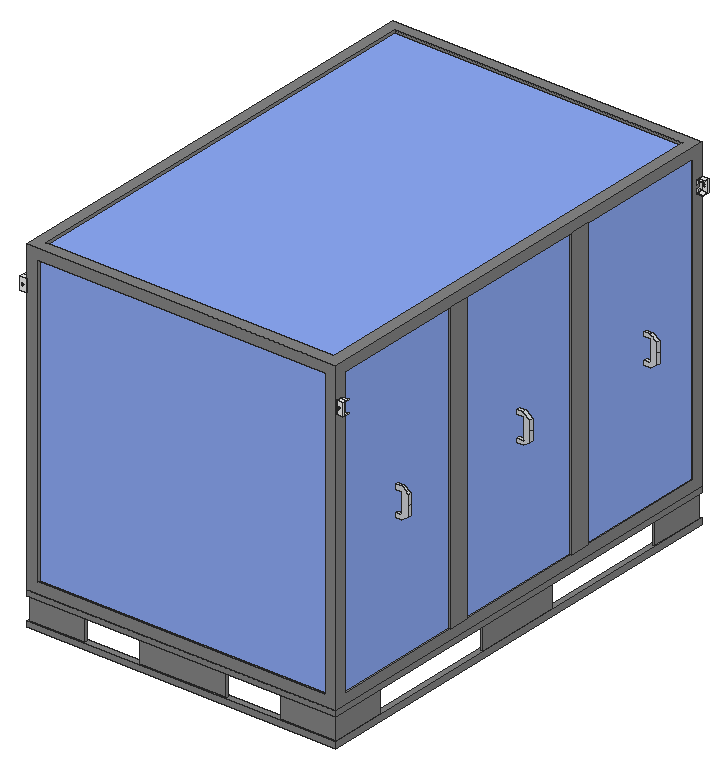
Revit family "11.1 Секция шумоглушения удлиненная ANR H2", category Оборудование, Revit 2016 (continued)
Definition of nested family "УГО шумоглушитель №25 (разрез)"
  Lines and regions (mm)
    model lines, not visible
      curve 92: line (-567.927, 0, 751.226) -> (-567.927, 0, 716.226)
      curve 93: line (-567.927, 0, 716.226) -> (-522.927, 0, 716.226)
      curve 94: line (-522.927, 0, 716.226) -> (-467.211, 0, 682.749)
      curve 95: line (-467.211, 0, 682.749) -> (-467.211, 0, 751.226)
      curve 96: line (-567.927, 0, 751.226) -> (-567.927, 0, 786.226)
      curve 97: line (-567.927, 0, 786.226) -> (-522.927, 0, 786.226)
      curve 98: line (-522.927, 0, 786.226) -> (-467.211, 0, 819.704)
      curve 99: line (-467.211, 0, 819.704) -> (-467.211, 0, 751.226)
      curve 100: line (-203.39, 0, 298.57) -> (701.61, 0, 298.57)
      curve 101: line (-203.39, 0, 318.57) -> (-203.39, 0, 298.57)
      curve 102: line (701.61, 0, 318.57) -> (-203.39, 0, 318.57)
      curve 103: line (701.61, 0, 298.57) -> (701.61, 0, 318.57)
      curve 104: line (-203.39, 0, 395.242) -> (701.61, 0, 395.242)
      curve 105: line (-203.39, 0, 415.242) -> (-203.39, 0, 395.242)
      curve 106: line (701.61, 0, 415.242) -> (-203.39, 0, 415.242)
      curve 107: line (701.61, 0, 395.242) -> (701.61, 0, 415.242)
      curve 108: line (-203.39, 0, 491.913) -> (701.61, 0, 491.913)
      curve 109: line (-203.39, 0, 511.913) -> (-203.39, 0, 491.913)
      curve 110: line (701.61, 0, 511.913) -> (-203.39, 0, 511.913)
      curve 111: line (701.61, 0, 491.913) -> (701.61, 0, 511.913)
      curve 112: line (-203.39, 0, 588.585) -> (701.61, 0, 588.585)
      curve 113: line (-203.39, 0, 608.585) -> (-203.39, 0, 588.585)
      curve 114: line (701.61, 0, 608.585) -> (-203.39, 0, 608.585)
      curve 115: line (701.61, 0, 588.585) -> (701.61, 0, 608.585)
      curve 116: line (-203.39, 0, 685.256) -> (701.61, 0, 685.256)
      curve 117: line (-203.39, 0, 705.256) -> (-203.39, 0, 685.256)
      curve 118: line (701.61, 0, 705.256) -> (-203.39, 0, 705.256)
      curve 119: line (701.61, 0, 685.256) -> (701.61, 0, 705.256)
      curve 120: line (-203.39, 0, 781.928) -> (701.61, 0, 781.928)
      curve 121: line (-203.39, 0, 801.928) -> (-203.39, 0, 781.928)
      curve 122: line (701.61, 0, 801.928) -> (-203.39, 0, 801.928)
      curve 123: line (701.61, 0, 781.928) -> (701.61, 0, 801.928)
      curve 124: line (-203.39, 0, 878.599) -> (701.61, 0, 878.599)
      curve 125: line (-203.39, 0, 898.599) -> (-203.39, 0, 878.599)
      curve 126: line (701.61, 0, 898.599) -> (-203.39, 0, 898.599)
      curve 127: line (701.61, 0, 878.599) -> (701.61, 0, 898.599)
      curve 148: line (-203.39, 0, 975.271) -> (701.61, 0, 975.271)
      curve 149: line (-203.39, 0, 995.271) -> (-203.39, 0, 975.271)
      curve 150: line (701.61, 0, 995.271) -> (-203.39, 0, 995.271)
      curve 151: line (701.61, 0, 975.271) -> (701.61, 0, 995.271)
      curve 152: line (-203.39, 0, 1071.943) -> (701.61, 0, 1071.943)
      curve 153: line (-203.39, 0, 1091.943) -> (-203.39, 0, 1071.943)
      curve 154: line (701.61, 0, 1091.943) -> (-203.39, 0, 1091.943)
      curve 155: line (701.61, 0, 1071.943) -> (701.61, 0, 1091.943)
      curve 156: line (-203.39, 0, 1168.614) -> (701.61, 0, 1168.614)
      curve 157: line (-203.39, 0, 1188.614) -> (-203.39, 0, 1168.614)
      curve 158: line (701.61, 0, 1188.614) -> (-203.39, 0, 1188.614)
      curve 159: line (701.61, 0, 1168.614) -> (701.61, 0, 1188.614)
      curve 160: line (-203.39, 0, 1265.286) -> (701.61, 0, 1265.286)
      curve 161: line (-203.39, 0, 1285.286) -> (-203.39, 0, 1265.286)
      curve 162: line (701.61, 0, 1285.286) -> (-203.39, 0, 1285.286)
      curve 163: line (701.61, 0, 1265.286) -> (701.61, 0, 1285.286)
      curve 164: line (-203.39, 0, 1361.957) -> (701.61, 0, 1361.957)
      curve 165: line (-203.39, 0, 1381.957) -> (-203.39, 0, 1361.957)
      curve 166: line (701.61, 0, 1381.957) -> (-203.39, 0, 1381.957)
      curve 167: line (701.61, 0, 1361.957) -> (701.61, 0, 1381.957)
  Dimensions and locks
    equal spacing: plane 5, plane 3 "По центру (Влево/Вправо)", plane 6
    "длина": plane 5 to plane 6
    "высота": plane 4 to level
    equal spacing: plane 4, plane 7, plane 2
    aligned and locked: level to plane 2
  Automatic sketch dimensions
    curve 3 to plane 4 = 0 mm
    curve 3 to plane 6 = 0 mm
    curve 3 to plane 5 = 0 mm
    curve 1 to level = 0 mm
    curve 18 to curve 20 = 45 mm
    curve 14 to curve 16 = 45 mm
    curve 19 to curve 13 = 13.447 mm
    curve 15 to curve 17 = 55.716 mm
    curve 20 to curve 138 = 263.822 mm
    curve 140 to curve 137 = 0 mm
    curve 16 to curve 11 = 263.822 mm
    curve 144 to curve 141 = 0 mm
    curve 9 to curve 7 = 0 mm
    curve 55 to curve 10 = 0 mm
    curve 136 to curve 134 = 0 mm  (x2)
    curve 59 to curve 56 = 0 mm
    curve 132 to curve 130 = 0 mm  (x2)
    curve 63 to curve 60 = 0 mm
    curve 128 to curve 81 = 0 mm  (x2)
    curve 67 to curve 64 = 0 mm
    curve 71 to curve 68 = 0 mm
    curve 79 to curve 77 = 0 mm  (x2)
    curve 72 to curve 74 = 905 mm
    curve 75 to curve 73 = 0 mm
    curve 71 to curve 70 = 0 mm
    curve 67 to curve 66 = 0 mm
    curve 63 to curve 62 = 0 mm
    curve 59 to curve 58 = 0 mm
    curve 55 to curve 12 = 0 mm
    curve 140 to curve 138 = 0 mm
    curve 9 to curve 8 = 0 mm
    curve 144 to curve 142 = 0 mm
    curve 5 to curve 7 = 20 mm
    curve 6 to curve 9 = 76.672 mm
    curve 9 to curve 11 = 20 mm
    curve 11 to curve 55 = 76.672 mm
    curve 55 to curve 56 = 20 mm
    curve 56 to curve 59 = 76.672 mm
    curve 59 to curve 61 = 20 mm
    curve 60 to curve 63 = 76.672 mm
    curve 63 to curve 64 = 20 mm
    curve 65 to curve 67 = 76.672 mm
    curve 67 to curve 70 = 20 mm
    curve 68 to curve 16 = 74.164 mm
    curve 69 to curve 74 = 76.672 mm
    curve 71 to curve 74 = 20 mm
    curve 16 to curve 14 = 33.477 mm
    curve 14 to curve 14 = 35 mm
    curve 15 to curve 13 = 35 mm
    curve 21 to curve 13 = 0 mm
    curve 73 to curve 78 = 76.672 mm
    curve 13 to curve 20 = 35 mm
    curve 75 to curve 76 = 20 mm
    curve 19 to curve 20 = 33.477 mm
    curve 76 to curve 79 = 76.672 mm
    curve 79 to curve 81 = 20 mm
    curve 81 to curve 128 = 76.672 mm
    curve 128 to curve 130 = 20 mm
    curve 129 to curve 132 = 76.672 mm
    curve 132 to curve 134 = 20 mm
    curve 133 to curve 136 = 76.672 mm
    curve 136 to curve 138 = 20 mm
    curve 138 to curve 140 = 76.672 mm
    curve 140 to curve 142 = 20 mm
    curve 141 to curve 144 = 76.672 mm
    curve 144 to curve 146 = 20 mm
    curve 96 to curve 98 = 45 mm
    curve 92 to curve 94 = 45 mm
    curve 97 to curve 91 = 13.447 mm
    curve 93 to curve 95 = 55.716 mm
    curve 98 to curve 158 = 263.822 mm
    curve 160 to curve 157 = 0 mm
    curve 94 to curve 89 = 263.822 mm
    curve 164 to curve 161 = 0 mm
    curve 87 to curve 85 = 0 mm
    curve 100 to curve 88 = 0 mm
    curve 156 to curve 154 = 0 mm  (x2)
    curve 104 to curve 101 = 0 mm
    curve 152 to curve 150 = 0 mm  (x2)
    curve 108 to curve 105 = 0 mm
    curve 148 to curve 126 = 0 mm  (x2)
    curve 112 to curve 109 = 0 mm
    curve 116 to curve 113 = 0 mm
    curve 124 to curve 122 = 0 mm  (x2)
    curve 117 to curve 119 = 905 mm
    curve 120 to curve 118 = 0 mm
    curve 116 to curve 115 = 0 mm
    curve 112 to curve 111 = 0 mm
    curve 108 to curve 107 = 0 mm
    curve 104 to curve 103 = 0 mm
    curve 100 to curve 90 = 0 mm
    curve 160 to curve 158 = 0 mm
    curve 87 to curve 86 = 0 mm
    curve 164 to curve 162 = 0 mm
    curve 83 to curve 85 = 20 mm
    curve 84 to curve 87 = 76.672 mm
    curve 87 to curve 89 = 20 mm
    curve 89 to curve 100 = 76.672 mm
    curve 100 to curve 101 = 20 mm
    curve 101 to curve 104 = 76.672 mm
    curve 104 to curve 106 = 20 mm
    curve 105 to curve 108 = 76.672 mm
    curve 108 to curve 109 = 20 mm
    curve 110 to curve 112 = 76.672 mm
    curve 112 to curve 115 = 20 mm
    curve 113 to curve 94 = 74.164 mm
    curve 114 to curve 119 = 76.672 mm
    curve 116 to curve 119 = 20 mm
    curve 94 to curve 92 = 33.477 mm
    curve 92 to curve 92 = 35 mm
    curve 93 to curve 91 = 35 mm
    curve 99 to curve 91 = 0 mm
    curve 118 to curve 123 = 76.672 mm
    curve 91 to curve 98 = 35 mm
    curve 120 to curve 121 = 20 mm
    curve 97 to curve 98 = 33.477 mm
    curve 121 to curve 124 = 76.672 mm
    curve 124 to curve 126 = 20 mm
    curve 126 to curve 148 = 76.672 mm
    curve 148 to curve 150 = 20 mm
    curve 149 to curve 152 = 76.672 mm
    curve 152 to curve 154 = 20 mm
    curve 153 to curve 156 = 76.672 mm
    curve 156 to curve 158 = 20 mm
    curve 158 to curve 160 = 76.672 mm
    curve 160 to curve 162 = 20 mm
    curve 161 to curve 164 = 76.672 mm
    curve 164 to curve 166 = 20 mm
    radius of curve 13 = 90 mm
    radius of curve 91 = 90 mm
Definition of nested family "УГО шумоглушитель №35 (разрез)"
  Parameters (values of type "УГО шумоглушитель №35 (разрез)")
    длина [instance] = 1600 mm
    высота [instance] = 2400 mm
    Ширина [instance] = 410 mm
    Частота вращения n, об/мин = ""
    Тип, марка, обозначение = ""
    Сила тока J, А = ""
    Раздел = ""
    Примечание = ""
    Позиция = ""
    Default Elevation = 1219.2 mm
    Напряжение U,В = ""
    Наименование и тех.хар-ка = ""
    Мощность двигателя N,Вт = ""
    Материал = none
    Масса единицы = ""
    Код, оборудования = ""
    Keynote = ""
    Завод изготовитель = ""
    Единица измерения = ""
    Диаметр = 110 mm
  Reference planes
    plane 1 "По центру (Вперед/Назад)": y = 0
    plane 2: z = 0
    plane 3 "По центру (Влево/Вправо)": x = 0
    plane 4: z = 2400
    plane 5: x = 800
    plane 6: x = -800
    plane 7: z = 1200
  Lines and regions (mm)
    model lines
      curve 1: line (-800, 0, 0) -> (800, 0, 0)
      curve 2: line (-800, 0, 2400) -> (-800, 0, 0)
      curve 3: line (800, 0, 2400) -> (-800, 0, 2400)
      curve 4: line (800, 0, 0) -> (800, 0, 2400)
      curve 5: line (-218.39, 0, 330.227) -> (686.61, 0, 330.227)
      curve 6: line (-218.39, 0, 350.227) -> (-218.39, 0, 330.227)
      curve 7: line (686.61, 0, 350.227) -> (-218.39, 0, 350.227)
      curve 8: line (686.61, 0, 330.227) -> (686.61, 0, 350.227)
      curve 9: line (-218.39, 0, 426.899) -> (686.61, 0, 426.899)
      curve 10: line (-218.39, 0, 446.899) -> (-218.39, 0, 426.899)
      curve 11: line (686.61, 0, 446.899) -> (-218.39, 0, 446.899)
      curve 12: line (686.61, 0, 426.899) -> (686.61, 0, 446.899)
      curve 13: circle (-524.48, 0, 1051.226) r 90 normal (0, -1, 0)
      curve 14: line (-582.927, 0, 1051.226) -> (-582.927, 0, 1016.226)
      curve 15: line (-582.927, 0, 1016.226) -> (-537.927, 0, 1016.226)
      curve 16: line (-537.927, 0, 1016.226) -> (-482.211, 0, 982.749)
      curve 17: line (-482.211, 0, 982.749) -> (-482.211, 0, 1051.226)
      curve 18: line (-582.927, 0, 1051.226) -> (-582.927, 0, 1086.226)
      curve 19: line (-582.927, 0, 1086.226) -> (-537.927, 0, 1086.226)
      curve 20: line (-537.927, 0, 1086.226) -> (-482.211, 0, 1119.704)
      curve 21: line (-482.211, 0, 1119.704) -> (-482.211, 0, 1051.226)
      curve 55: line (-218.39, 0, 523.57) -> (686.61, 0, 523.57)
      curve 56: line (-218.39, 0, 543.57) -> (-218.39, 0, 523.57)
      curve 57: line (686.61, 0, 543.57) -> (-218.39, 0, 543.57)
      curve 58: line (686.61, 0, 523.57) -> (686.61, 0, 543.57)
      curve 59: line (-218.39, 0, 620.242) -> (686.61, 0, 620.242)
      curve 60: line (-218.39, 0, 640.242) -> (-218.39, 0, 620.242)
      curve 61: line (686.61, 0, 640.242) -> (-218.39, 0, 640.242)
      curve 62: line (686.61, 0, 620.242) -> (686.61, 0, 640.242)
      curve 63: line (-218.39, 0, 716.913) -> (686.61, 0, 716.913)
      curve 64: line (-218.39, 0, 736.913) -> (-218.39, 0, 716.913)
      curve 65: line (686.61, 0, 736.913) -> (-218.39, 0, 736.913)
      curve 66: line (686.61, 0, 716.913) -> (686.61, 0, 736.913)
      curve 67: line (-218.39, 0, 813.585) -> (686.61, 0, 813.585)
      curve 68: line (-218.39, 0, 833.585) -> (-218.39, 0, 813.585)
      curve 69: line (686.61, 0, 833.585) -> (-218.39, 0, 833.585)
      curve 70: line (686.61, 0, 813.585) -> (686.61, 0, 833.585)
      curve 71: line (-218.39, 0, 910.256) -> (686.61, 0, 910.256)
      curve 72: line (-218.39, 0, 930.256) -> (-218.39, 0, 910.256)
      curve 73: line (686.61, 0, 930.256) -> (-218.39, 0, 930.256)
      curve 74: line (686.61, 0, 910.256) -> (686.61, 0, 930.256)
      curve 75: line (-218.39, 0, 1006.928) -> (686.61, 0, 1006.928)
      curve 76: line (-218.39, 0, 1026.928) -> (-218.39, 0, 1006.928)
      curve 77: line (686.61, 0, 1026.928) -> (-218.39, 0, 1026.928)
      curve 78: line (686.61, 0, 1006.928) -> (686.61, 0, 1026.928)
      curve 79: line (-218.39, 0, 1103.599) -> (686.61, 0, 1103.599)
      curve 80: line (-218.39, 0, 1123.599) -> (-218.39, 0, 1103.599)
      curve 81: line (686.61, 0, 1123.599) -> (-218.39, 0, 1123.599)
      curve 82: line (686.61, 0, 1103.599) -> (686.61, 0, 1123.599)
      curve 128: line (-218.39, 0, 1200.271) -> (686.61, 0, 1200.271)
      curve 129: line (-218.39, 0, 1220.271) -> (-218.39, 0, 1200.271)
      curve 130: line (686.61, 0, 1220.271) -> (-218.39, 0, 1220.271)
      curve 131: line (686.61, 0, 1200.271) -> (686.61, 0, 1220.271)
      curve 132: line (-218.39, 0, 1296.943) -> (686.61, 0, 1296.943)
      curve 133: line (-218.39, 0, 1316.943) -> (-218.39, 0, 1296.943)
      curve 134: line (686.61, 0, 1316.943) -> (-218.39, 0, 1316.943)
      curve 135: line (686.61, 0, 1296.943) -> (686.61, 0, 1316.943)
      curve 136: line (-218.39, 0, 1393.614) -> (686.61, 0, 1393.614)
      curve 137: line (-218.39, 0, 1413.614) -> (-218.39, 0, 1393.614)
      curve 138: line (686.61, 0, 1413.614) -> (-218.39, 0, 1413.614)
      curve 139: line (686.61, 0, 1393.614) -> (686.61, 0, 1413.614)
      curve 140: line (-218.39, 0, 1490.286) -> (686.61, 0, 1490.286)
      curve 141: line (-218.39, 0, 1510.286) -> (-218.39, 0, 1490.286)
      curve 142: line (686.61, 0, 1510.286) -> (-218.39, 0, 1510.286)
      curve 143: line (686.61, 0, 1490.286) -> (686.61, 0, 1510.286)
      curve 144: line (-218.39, 0, 1586.957) -> (686.61, 0, 1586.957)
      curve 145: line (-218.39, 0, 1606.957) -> (-218.39, 0, 1586.957)
      curve 146: line (686.61, 0, 1606.957) -> (-218.39, 0, 1606.957)
      curve 147: line (686.61, 0, 1586.957) -> (686.61, 0, 1606.957)
      curve 168: line (-218.39, 0, 1780.3) -> (686.61, 0, 1780.3)
      curve 169: line (-218.39, 0, 1800.3) -> (-218.39, 0, 1780.3)
      curve 170: line (686.61, 0, 1800.3) -> (-218.39, 0, 1800.3)
      curve 171: line (686.61, 0, 1780.3) -> (686.61, 0, 1800.3)
      curve 172: line (-218.39, 0, 1876.972) -> (686.61, 0, 1876.972)
      curve 173: line (-218.39, 0, 1896.972) -> (-218.39, 0, 1876.972)
      curve 174: line (686.61, 0, 1896.972) -> (-218.39, 0, 1896.972)
      curve 175: line (686.61, 0, 1876.972) -> (686.61, 0, 1896.972)
      curve 176: line (-218.39, 0, 1683.629) -> (686.61, 0, 1683.629)
      curve 177: line (-218.39, 0, 1703.629) -> (-218.39, 0, 1683.629)
      curve 178: line (686.61, 0, 1703.629) -> (-218.39, 0, 1703.629)
      curve 179: line (686.61, 0, 1683.629) -> (686.61, 0, 1703.629)
    model lines, not visible
      curve 22: line (-155.067, 0, 325.022) -> (464.933, 0, 325.022)
      curve 23: line (-155.067, 0, 305.022) -> (-155.067, 0, 325.022)
      curve 24: line (464.933, 0, 305.022) -> (-155.067, 0, 305.022)
      curve 25: line (464.933, 0, 325.022) -> (464.933, 0, 305.022)
      curve 26: line (-155.067, 0, 275.022) -> (464.933, 0, 275.022)
      curve 27: line (-155.067, 0, 255.022) -> (-155.067, 0, 275.022)
      curve 28: line (464.933, 0, 255.022) -> (-155.067, 0, 255.022)
      curve 29: line (464.933, 0, 275.022) -> (464.933, 0, 255.022)
      curve 30: line (-155.067, 0, 220.022) -> (464.933, 0, 220.022)
      curve 31: line (-155.067, 0, 200.022) -> (-155.067, 0, 220.022)
      curve 32: line (464.933, 0, 200.022) -> (-155.067, 0, 200.022)
      curve 33: line (464.933, 0, 220.022) -> (464.933, 0, 200.022)
      curve 34: line (-155.067, 0, 24.978) -> (464.933, 0, 24.978)
      curve 35: line (-155.067, 0, 44.978) -> (-155.067, 0, 24.978)
      curve 36: line (464.933, 0, 44.978) -> (-155.067, 0, 44.978)
      curve 37: line (464.933, 0, 24.978) -> (464.933, 0, 44.978)
      curve 38: line (-155.067, 0, 74.978) -> (464.933, 0, 74.978)
      curve 39: line (-155.067, 0, 94.978) -> (-155.067, 0, 74.978)
      curve 40: line (464.933, 0, 94.978) -> (-155.067, 0, 94.978)
      curve 41: line (464.933, 0, 74.978) -> (464.933, 0, 94.978)
      curve 42: line (-155.067, 0, 129.978) -> (464.933, 0, 129.978)
      curve 43: line (-155.067, 0, 149.978) -> (-155.067, 0, 129.978)
      curve 44: line (464.933, 0, 149.978) -> (-155.067, 0, 149.978)
      curve 45: line (464.933, 0, 129.978) -> (464.933, 0, 149.978)
      curve 46: circle (-331.553, 0, 175) r 90 normal (0, -1, 0)
      curve 47: line (-390, 0, 175) -> (-390, 0, 140)
      curve 48: line (-390, 0, 140) -> (-345, 0, 140)
      curve 49: line (-345, 0, 140) -> (-289.284, 0, 106.523)
      curve 50: line (-289.284, 0, 106.523) -> (-289.284, 0, 175)
      curve 51: line (-390, 0, 175) -> (-390, 0, 210)
      curve 52: line (-390, 0, 210) -> (-345, 0, 210)
      curve 53: line (-345, 0, 210) -> (-289.284, 0, 243.477)
      curve 54: line (-289.284, 0, 243.477) -> (-289.284, 0, 175)
      curve 83: line (-203.39, 0, 30.227) -> (701.61, 0, 30.227)
      curve 84: line (-203.39, 0, 50.227) -> (-203.39, 0, 30.227)
      curve 85: line (701.61, 0, 50.227) -> (-203.39, 0, 50.227)
      curve 86: line (701.61, 0, 30.227) -> (701.61, 0, 50.227)
      curve 87: line (-203.39, 0, 126.899) -> (701.61, 0, 126.899)
      curve 88: line (-203.39, 0, 146.899) -> (-203.39, 0, 126.899)
      curve 89: line (701.61, 0, 146.899) -> (-203.39, 0, 146.899)
      curve 90: line (701.61, 0, 126.899) -> (701.61, 0, 146.899)
      curve 91: circle (-509.48, 0, 751.226) r 90 normal (0, -1, 0)
      curve 92: line (-567.927, 0, 751.226) -> (-567.927, 0, 716.226)
      curve 93: line (-567.927, 0, 716.226) -> (-522.927, 0, 716.226)
      curve 94: line (-522.927, 0, 716.226) -> (-467.211, 0, 682.749)
      curve 95: line (-467.211, 0, 682.749) -> (-467.211, 0, 751.226)
      curve 96: line (-567.927, 0, 751.226) -> (-567.927, 0, 786.226)
      curve 97: line (-567.927, 0, 786.226) -> (-522.927, 0, 786.226)
      curve 98: line (-522.927, 0, 786.226) -> (-467.211, 0, 819.704)
      curve 99: line (-467.211, 0, 819.704) -> (-467.211, 0, 751.226)
      curve 100: line (-203.39, 0, 223.57) -> (701.61, 0, 223.57)
      curve 101: line (-203.39, 0, 243.57) -> (-203.39, 0, 223.57)
      curve 102: line (701.61, 0, 243.57) -> (-203.39, 0, 243.57)
      curve 103: line (701.61, 0, 223.57) -> (701.61, 0, 243.57)
      curve 104: line (-203.39, 0, 320.242) -> (701.61, 0, 320.242)
      curve 105: line (-203.39, 0, 340.242) -> (-203.39, 0, 320.242)
      curve 106: line (701.61, 0, 340.242) -> (-203.39, 0, 340.242)
      curve 107: line (701.61, 0, 320.242) -> (701.61, 0, 340.242)
      curve 108: line (-203.39, 0, 416.913) -> (701.61, 0, 416.913)
      curve 109: line (-203.39, 0, 436.913) -> (-203.39, 0, 416.913)
      curve 110: line (701.61, 0, 436.913) -> (-203.39, 0, 436.913)
      curve 111: line (701.61, 0, 416.913) -> (701.61, 0, 436.913)
      curve 112: line (-203.39, 0, 513.585) -> (701.61, 0, 513.585)
      curve 113: line (-203.39, 0, 533.585) -> (-203.39, 0, 513.585)
      curve 114: line (701.61, 0, 533.585) -> (-203.39, 0, 533.585)
      curve 115: line (701.61, 0, 513.585) -> (701.61, 0, 533.585)
      curve 116: line (-203.39, 0, 610.256) -> (701.61, 0, 610.256)
      curve 117: line (-203.39, 0, 630.256) -> (-203.39, 0, 610.256)
      curve 118: line (701.61, 0, 630.256) -> (-203.39, 0, 630.256)
      curve 119: line (701.61, 0, 610.256) -> (701.61, 0, 630.256)
      curve 120: line (-203.39, 0, 706.928) -> (701.61, 0, 706.928)
      curve 121: line (-203.39, 0, 726.928) -> (-203.39, 0, 706.928)
      curve 122: line (701.61, 0, 726.928) -> (-203.39, 0, 726.928)
      curve 123: line (701.61, 0, 706.928) -> (701.61, 0, 726.928)
      curve 124: line (-203.39, 0, 803.599) -> (701.61, 0, 803.599)
      curve 125: line (-203.39, 0, 823.599) -> (-203.39, 0, 803.599)
      curve 126: line (701.61, 0, 823.599) -> (-203.39, 0, 823.599)
      curve 127: line (701.61, 0, 803.599) -> (701.61, 0, 823.599)
      curve 148: line (-203.39, 0, 900.271) -> (701.61, 0, 900.271)
      curve 149: line (-203.39, 0, 920.271) -> (-203.39, 0, 900.271)
      curve 150: line (701.61, 0, 920.271) -> (-203.39, 0, 920.271)
      curve 151: line (701.61, 0, 900.271) -> (701.61, 0, 920.271)
      curve 152: line (-203.39, 0, 996.943) -> (701.61, 0, 996.943)
      curve 153: line (-203.39, 0, 1016.943) -> (-203.39, 0, 996.943)
      curve 154: line (701.61, 0, 1016.943) -> (-203.39, 0, 1016.943)
      curve 155: line (701.61, 0, 996.943) -> (701.61, 0, 1016.943)
      curve 156: line (-203.39, 0, 1093.614) -> (701.61, 0, 1093.614)
      curve 157: line (-203.39, 0, 1113.614) -> (-203.39, 0, 1093.614)
      curve 158: line (701.61, 0, 1113.614) -> (-203.39, 0, 1113.614)
      curve 159: line (701.61, 0, 1093.614) -> (701.61, 0, 1113.614)
      curve 160: line (-203.39, 0, 1190.286) -> (701.61, 0, 1190.286)
      curve 161: line (-203.39, 0, 1210.286) -> (-203.39, 0, 1190.286)
      curve 162: line (701.61, 0, 1210.286) -> (-203.39, 0, 1210.286)
      curve 163: line (701.61, 0, 1190.286) -> (701.61, 0, 1210.286)
      curve 164: line (-203.39, 0, 1286.957) -> (701.61, 0, 1286.957)
      curve 165: line (-203.39, 0, 1306.957) -> (-203.39, 0, 1286.957)
      curve 166: line (701.61, 0, 1306.957) -> (-203.39, 0, 1306.957)
      curve 167: line (701.61, 0, 1286.957) -> (701.61, 0, 1306.957)
      curve 180: line (-203.39, 0, 1480.3) -> (701.61, 0, 1480.3)
      curve 181: line (-203.39, 0, 1500.3) -> (-203.39, 0, 1480.3)
      curve 182: line (701.61, 0, 1500.3) -> (-203.39, 0, 1500.3)
      curve 183: line (701.61, 0, 1480.3) -> (701.61, 0, 1500.3)
      curve 184: line (-203.39, 0, 1576.972) -> (701.61, 0, 1576.972)
      curve 185: line (-203.39, 0, 1596.972) -> (-203.39, 0, 1576.972)
      curve 186: line (701.61, 0, 1596.972) -> (-203.39, 0, 1596.972)
      curve 187: line (701.61, 0, 1576.972) -> (701.61, 0, 1596.972)
      curve 188: line (-203.39, 0, 1383.629) -> (701.61, 0, 1383.629)
      curve 189: line (-203.39, 0, 1403.629) -> (-203.39, 0, 1383.629)
      curve 190: line (701.61, 0, 1403.629) -> (-203.39, 0, 1403.629)
      curve 191: line (701.61, 0, 1383.629) -> (701.61, 0, 1403.629)
  Dimensions and locks
    equal spacing: plane 5, plane 3 "По центру (Влево/Вправо)", plane 6
    "длина": plane 5 to plane 6
    "высота": plane 4 to level
    equal spacing: plane 4, plane 7, plane 2
    aligned and locked: level to plane 2
  Automatic sketch dimensions
    curve 3 to plane 4 = 0 mm
    curve 3 to plane 6 = 0 mm
    curve 3 to plane 5 = 0 mm
    curve 1 to level = 0 mm
    curve 18 to curve 20 = 45 mm
    curve 14 to curve 16 = 45 mm
    curve 19 to curve 13 = 13.447 mm
    curve 15 to curve 17 = 55.716 mm
    curve 20 to curve 172 = 263.822 mm
    curve 16 to curve 11 = 263.822 mm
    curve 172 to curve 176 = 0 mm
    curve 9 to curve 7 = 0 mm
    curve 55 to curve 10 = 0 mm
    curve 172 to curve 170 = 0 mm  (x2)
    curve 59 to curve 56 = 0 mm
    curve 176 to curve 146 = 0 mm  (x2)
    curve 63 to curve 60 = 0 mm
    curve 144 to curve 142 = 0 mm  (x2)
    curve 67 to curve 64 = 0 mm
    curve 140 to curve 138 = 0 mm  (x2)
    curve 71 to curve 68 = 0 mm
    curve 136 to curve 134 = 0 mm  (x2)
    curve 75 to curve 72 = 0 mm
    curve 132 to curve 130 = 0 mm  (x2)
    curve 79 to curve 76 = 0 mm
    curve 80 to curve 81 = 905 mm
    curve 79 to curve 78 = 0 mm
    curve 128 to curve 81 = 0 mm
    curve 75 to curve 74 = 0 mm
    curve 71 to curve 70 = 0 mm
    curve 67 to curve 66 = 0 mm
    curve 63 to curve 62 = 0 mm
    curve 59 to curve 58 = 0 mm
    curve 168 to curve 146 = 0 mm
    curve 55 to curve 12 = 0 mm
    curve 9 to curve 8 = 0 mm
    curve 5 to curve 7 = 20 mm
    curve 7 to curve 9 = 76.672 mm
    curve 9 to curve 11 = 20 mm
    curve 11 to curve 58 = 76.672 mm
    curve 55 to curve 56 = 20 mm
    curve 57 to curve 62 = 76.672 mm
    curve 59 to curve 60 = 20 mm
    curve 60 to curve 64 = 76.672 mm
    curve 63 to curve 65 = 20 mm
    curve 64 to curve 68 = 76.672 mm
    curve 67 to curve 69 = 20 mm
    curve 68 to curve 17 = 149.164 mm
    curve 69 to curve 71 = 76.672 mm
    curve 71 to curve 74 = 20 mm
    curve 16 to curve 15 = 33.477 mm
    curve 14 to curve 14 = 35 mm
    curve 15 to curve 13 = 35 mm
    curve 21 to curve 13 = 0 mm
    curve 73 to curve 78 = 76.672 mm
    curve 14 to curve 18 = 35 mm
    curve 75 to curve 78 = 20 mm
    curve 19 to curve 21 = 33.477 mm
    curve 77 to curve 79 = 76.672 mm
    curve 79 to curve 81 = 20 mm
    curve 81 to curve 128 = 76.672 mm
    curve 128 to curve 130 = 20 mm
    curve 130 to curve 132 = 76.672 mm
    curve 132 to curve 134 = 20 mm
    curve 134 to curve 136 = 76.672 mm
    curve 136 to curve 138 = 20 mm
    curve 138 to curve 140 = 76.672 mm
    curve 140 to curve 142 = 20 mm
    curve 142 to curve 144 = 76.672 mm
    curve 144 to curve 146 = 20 mm
    curve 145 to curve 176 = 76.672 mm
    curve 176 to curve 177 = 20 mm
    curve 177 to curve 168 = 76.672 mm
    curve 168 to curve 170 = 20 mm
    curve 170 to curve 175 = 76.672 mm
    curve 172 to curve 173 = 20 mm
    curve 96 to curve 98 = 45 mm
    curve 92 to curve 94 = 45 mm
    curve 97 to curve 91 = 13.447 mm
    curve 93 to curve 95 = 55.716 mm
    curve 98 to curve 184 = 263.822 mm
    curve 94 to curve 89 = 263.822 mm
    curve 184 to curve 188 = 0 mm
    curve 87 to curve 85 = 0 mm
    curve 100 to curve 88 = 0 mm
    curve 184 to curve 182 = 0 mm  (x2)
    curve 104 to curve 101 = 0 mm
    curve 188 to curve 166 = 0 mm  (x2)
    curve 108 to curve 105 = 0 mm
    curve 164 to curve 162 = 0 mm  (x2)
    curve 112 to curve 109 = 0 mm
    curve 160 to curve 158 = 0 mm  (x2)
    curve 116 to curve 113 = 0 mm
    curve 156 to curve 154 = 0 mm  (x2)
    curve 120 to curve 117 = 0 mm
    curve 152 to curve 150 = 0 mm  (x2)
    curve 124 to curve 121 = 0 mm
    curve 125 to curve 126 = 905 mm
    curve 124 to curve 123 = 0 mm
    curve 148 to curve 126 = 0 mm
    curve 120 to curve 119 = 0 mm
    curve 116 to curve 115 = 0 mm
    curve 112 to curve 111 = 0 mm
    curve 108 to curve 107 = 0 mm
    curve 104 to curve 103 = 0 mm
    curve 180 to curve 166 = 0 mm
    curve 100 to curve 90 = 0 mm
    curve 87 to curve 86 = 0 mm
    curve 83 to curve 85 = 20 mm
    curve 85 to curve 87 = 76.672 mm
    curve 87 to curve 89 = 20 mm
    curve 89 to curve 103 = 76.672 mm
    curve 100 to curve 101 = 20 mm
    curve 102 to curve 107 = 76.672 mm
    curve 104 to curve 105 = 20 mm
    curve 105 to curve 109 = 76.672 mm
    curve 108 to curve 110 = 20 mm
    curve 109 to curve 113 = 76.672 mm
    curve 112 to curve 114 = 20 mm
    curve 113 to curve 95 = 149.164 mm
    curve 114 to curve 116 = 76.672 mm
    curve 116 to curve 119 = 20 mm
    curve 94 to curve 93 = 33.477 mm
    curve 92 to curve 92 = 35 mm
    curve 93 to curve 91 = 35 mm
    curve 99 to curve 91 = 0 mm
    curve 118 to curve 123 = 76.672 mm
    curve 92 to curve 96 = 35 mm
    curve 120 to curve 123 = 20 mm
    curve 97 to curve 99 = 33.477 mm
    curve 122 to curve 124 = 76.672 mm
    curve 124 to curve 126 = 20 mm
    curve 126 to curve 148 = 76.672 mm
    curve 148 to curve 150 = 20 mm
    curve 150 to curve 152 = 76.672 mm
    curve 152 to curve 154 = 20 mm
    curve 154 to curve 156 = 76.672 mm
    curve 156 to curve 158 = 20 mm
    curve 158 to curve 160 = 76.672 mm
    curve 160 to curve 162 = 20 mm
    curve 162 to curve 164 = 76.672 mm
    curve 164 to curve 166 = 20 mm
    curve 165 to curve 188 = 76.672 mm
    curve 188 to curve 189 = 20 mm
    curve 189 to curve 180 = 76.672 mm
    curve 180 to curve 182 = 20 mm
    curve 182 to curve 187 = 76.672 mm
    curve 184 to curve 185 = 20 mm
    radius of curve 13 = 90 mm
    radius of curve 91 = 90 mm
Definition of nested family "УГО шумоглушитель №40 (разрез)"
  Parameters (values of type "УГО шумоглушитель №40 (разрез)")
    длина [instance] = 1600 mm
    высота [instance] = 3300 mm
    Ширина [instance] = 410 mm
    Частота вращения n, об/мин = ""
    Тип, марка, обозначение = ""
    Сила тока J, А = ""
    Раздел = ""
    Примечание = ""
    Позиция = ""
    Default Elevation = 1219.2 mm
    Напряжение U,В = ""
    Наименование и тех.хар-ка = ""
    Мощность двигателя N,Вт = ""
    Материал = none
    Масса единицы = ""
    Код, оборудования = ""
    Keynote = ""
    Завод изготовитель = ""
    Единица измерения = ""
    Диаметр = 110 mm
  Reference planes
    plane 1 "По центру (Вперед/Назад)": y = 0
    plane 2: z = 0
    plane 3 "По центру (Влево/Вправо)": x = 0
    plane 4: z = 3300
    plane 5: x = 800
    plane 6: x = -800
    plane 7: z = 1650
  Lines and regions (mm)
    model lines
      curve 1: line (-800, 0, 0) -> (800, 0, 0)
      curve 2: line (-800, 0, 3300) -> (-800, 0, 0)
      curve 3: line (800, 0, 3300) -> (-800, 0, 3300)
      curve 4: line (800, 0, 0) -> (800, 0, 3300)
      curve 5: line (-218.39, 0, 330.227) -> (686.61, 0, 330.227)
      curve 6: line (-218.39, 0, 350.227) -> (-218.39, 0, 330.227)
      curve 7: line (686.61, 0, 350.227) -> (-218.39, 0, 350.227)
      curve 8: line (686.61, 0, 330.227) -> (686.61, 0, 350.227)
      curve 9: line (-218.39, 0, 426.899) -> (686.61, 0, 426.899)
      curve 10: line (-218.39, 0, 446.899) -> (-218.39, 0, 426.899)
      curve 11: line (686.61, 0, 446.899) -> (-218.39, 0, 446.899)
      curve 12: line (686.61, 0, 426.899) -> (686.61, 0, 446.899)
      curve 13: circle (-489.297, 0, 1836.967) r 90 normal (0, -1, 0)
      curve 14: line (-547.745, 0, 1836.967) -> (-547.745, 0, 1801.967)
      curve 15: line (-547.745, 0, 1801.967) -> (-502.745, 0, 1801.967)
      curve 16: line (-502.745, 0, 1801.967) -> (-447.029, 0, 1768.49)
      curve 17: line (-447.029, 0, 1768.49) -> (-447.029, 0, 1836.967)
      curve 18: line (-547.745, 0, 1836.967) -> (-547.745, 0, 1871.967)
      curve 19: line (-547.745, 0, 1871.967) -> (-502.745, 0, 1871.967)
      curve 20: line (-502.745, 0, 1871.967) -> (-447.029, 0, 1905.445)
      curve 21: line (-447.029, 0, 1905.445) -> (-447.029, 0, 1836.967)
      curve 55: line (-218.39, 0, 523.57) -> (686.61, 0, 523.57)
      curve 56: line (-218.39, 0, 543.57) -> (-218.39, 0, 523.57)
      curve 57: line (686.61, 0, 543.57) -> (-218.39, 0, 543.57)
      curve 58: line (686.61, 0, 523.57) -> (686.61, 0, 543.57)
      curve 59: line (-218.39, 0, 620.242) -> (686.61, 0, 620.242)
      curve 60: line (-218.39, 0, 640.242) -> (-218.39, 0, 620.242)
      curve 61: line (686.61, 0, 640.242) -> (-218.39, 0, 640.242)
      curve 62: line (686.61, 0, 620.242) -> (686.61, 0, 640.242)
      curve 63: line (-218.39, 0, 716.913) -> (686.61, 0, 716.913)
      curve 64: line (-218.39, 0, 736.913) -> (-218.39, 0, 716.913)
      curve 65: line (686.61, 0, 736.913) -> (-218.39, 0, 736.913)
      curve 66: line (686.61, 0, 716.913) -> (686.61, 0, 736.913)
      curve 67: line (-218.39, 0, 813.585) -> (686.61, 0, 813.585)
      curve 68: line (-218.39, 0, 833.585) -> (-218.39, 0, 813.585)
      curve 69: line (686.61, 0, 833.585) -> (-218.39, 0, 833.585)
      curve 70: line (686.61, 0, 813.585) -> (686.61, 0, 833.585)
      curve 71: line (-218.39, 0, 910.256) -> (686.61, 0, 910.256)
      curve 72: line (-218.39, 0, 930.256) -> (-218.39, 0, 910.256)
      curve 73: line (686.61, 0, 930.256) -> (-218.39, 0, 930.256)
      curve 74: line (686.61, 0, 910.256) -> (686.61, 0, 930.256)
      curve 75: line (-218.39, 0, 1006.928) -> (686.61, 0, 1006.928)
      curve 76: line (-218.39, 0, 1026.928) -> (-218.39, 0, 1006.928)
      curve 77: line (686.61, 0, 1026.928) -> (-218.39, 0, 1026.928)
      curve 78: line (686.61, 0, 1006.928) -> (686.61, 0, 1026.928)
      curve 79: line (-218.39, 0, 1103.599) -> (686.61, 0, 1103.599)
      curve 80: line (-218.39, 0, 1123.599) -> (-218.39, 0, 1103.599)
      curve 81: line (686.61, 0, 1123.599) -> (-218.39, 0, 1123.599)
      curve 82: line (686.61, 0, 1103.599) -> (686.61, 0, 1123.599)
      curve 128: line (-218.39, 0, 1200.271) -> (686.61, 0, 1200.271)
      curve 129: line (-218.39, 0, 1220.271) -> (-218.39, 0, 1200.271)
      curve 130: line (686.61, 0, 1220.271) -> (-218.39, 0, 1220.271)
      curve 131: line (686.61, 0, 1200.271) -> (686.61, 0, 1220.271)
      curve 132: line (-218.39, 0, 1296.943) -> (686.61, 0, 1296.943)
      curve 133: line (-218.39, 0, 1316.943) -> (-218.39, 0, 1296.943)
      curve 134: line (686.61, 0, 1316.943) -> (-218.39, 0, 1316.943)
      curve 135: line (686.61, 0, 1296.943) -> (686.61, 0, 1316.943)
      curve 136: line (-218.39, 0, 1393.614) -> (686.61, 0, 1393.614)
      curve 137: line (-218.39, 0, 1413.614) -> (-218.39, 0, 1393.614)
      curve 138: line (686.61, 0, 1413.614) -> (-218.39, 0, 1413.614)
      curve 139: line (686.61, 0, 1393.614) -> (686.61, 0, 1413.614)
      curve 140: line (-218.39, 0, 1490.286) -> (686.61, 0, 1490.286)
      curve 141: line (-218.39, 0, 1510.286) -> (-218.39, 0, 1490.286)
      curve 142: line (686.61, 0, 1510.286) -> (-218.39, 0, 1510.286)
      curve 143: line (686.61, 0, 1490.286) -> (686.61, 0, 1510.286)
      curve 144: line (-218.39, 0, 1586.957) -> (686.61, 0, 1586.957)
      curve 145: line (-218.39, 0, 1606.957) -> (-218.39, 0, 1586.957)
      curve 146: line (686.61, 0, 1606.957) -> (-218.39, 0, 1606.957)
      curve 147: line (686.61, 0, 1586.957) -> (686.61, 0, 1606.957)
      curve 168: line (-218.39, 0, 1780.3) -> (686.61, 0, 1780.3)
      curve 169: line (-218.39, 0, 1800.3) -> (-218.39, 0, 1780.3)
      curve 170: line (686.61, 0, 1800.3) -> (-218.39, 0, 1800.3)
      curve 171: line (686.61, 0, 1780.3) -> (686.61, 0, 1800.3)
      curve 172: line (-218.39, 0, 1876.972) -> (686.61, 0, 1876.972)
      curve 173: line (-218.39, 0, 1896.972) -> (-218.39, 0, 1876.972)
      curve 174: line (686.61, 0, 1896.972) -> (-218.39, 0, 1896.972)
      curve 175: line (686.61, 0, 1876.972) -> (686.61, 0, 1896.972)
      curve 176: line (-218.39, 0, 1683.629) -> (686.61, 0, 1683.629)
      curve 177: line (-218.39, 0, 1703.629) -> (-218.39, 0, 1683.629)
      curve 178: line (686.61, 0, 1703.629) -> (-218.39, 0, 1703.629)
      curve 179: line (686.61, 0, 1683.629) -> (686.61, 0, 1703.629)
      curve 192: line (-218.39, 0, 1973.643) -> (686.61, 0, 1973.643)
      curve 193: line (-218.39, 0, 1993.643) -> (-218.39, 0, 1973.643)
      curve 194: line (686.61, 0, 1993.643) -> (-218.39, 0, 1993.643)
      curve 195: line (686.61, 0, 1973.643) -> (686.61, 0, 1993.643)
      curve 196: line (-218.39, 0, 2070.315) -> (686.61, 0, 2070.315)
      curve 197: line (-218.39, 0, 2090.315) -> (-218.39, 0, 2070.315)
      curve 198: line (686.61, 0, 2090.315) -> (-218.39, 0, 2090.315)
      curve 199: line (686.61, 0, 2070.315) -> (686.61, 0, 2090.315)
      curve 200: line (-218.39, 0, 2166.986) -> (686.61, 0, 2166.986)
      curve 201: line (-218.39, 0, 2186.986) -> (-218.39, 0, 2166.986)
      curve 202: line (686.61, 0, 2186.986) -> (-218.39, 0, 2186.986)
      curve 203: line (686.61, 0, 2166.986) -> (686.61, 0, 2186.986)
      curve 204: line (-218.39, 0, 2263.658) -> (686.61, 0, 2263.658)
      curve 205: line (-218.39, 0, 2283.658) -> (-218.39, 0, 2263.658)
      curve 206: line (686.61, 0, 2283.658) -> (-218.39, 0, 2283.658)
      curve 207: line (686.61, 0, 2263.658) -> (686.61, 0, 2283.658)
      curve 208: line (-218.39, 0, 2360.33) -> (686.61, 0, 2360.33)
      curve 209: line (-218.39, 0, 2380.33) -> (-218.39, 0, 2360.33)
      curve 210: line (686.61, 0, 2380.33) -> (-218.39, 0, 2380.33)
      curve 211: line (686.61, 0, 2360.33) -> (686.61, 0, 2380.33)
      curve 212: line (-218.39, 0, 2457.001) -> (686.61, 0, 2457.001)
      curve 213: line (-218.39, 0, 2477.001) -> (-218.39, 0, 2457.001)
      curve 214: line (686.61, 0, 2477.001) -> (-218.39, 0, 2477.001)
      curve 215: line (686.61, 0, 2457.001) -> (686.61, 0, 2477.001)
      curve 216: line (-218.39, 0, 2553.673) -> (686.61, 0, 2553.673)
      curve 217: line (-218.39, 0, 2573.673) -> (-218.39, 0, 2553.673)
      curve 218: line (686.61, 0, 2573.673) -> (-218.39, 0, 2573.673)
      curve 219: line (686.61, 0, 2553.673) -> (686.61, 0, 2573.673)
      curve 220: line (-218.39, 0, 2650.344) -> (686.61, 0, 2650.344)
      curve 221: line (-218.39, 0, 2670.344) -> (-218.39, 0, 2650.344)
      curve 222: line (686.61, 0, 2670.344) -> (-218.39, 0, 2670.344)
      curve 223: line (686.61, 0, 2650.344) -> (686.61, 0, 2670.344)
      curve 224: line (-218.39, 0, 2747.016) -> (686.61, 0, 2747.016)
      curve 225: line (-218.39, 0, 2767.016) -> (-218.39, 0, 2747.016)
      curve 226: line (686.61, 0, 2767.016) -> (-218.39, 0, 2767.016)
      curve 227: line (686.61, 0, 2747.016) -> (686.61, 0, 2767.016)
      curve 228: line (-218.39, 0, 2843.687) -> (686.61, 0, 2843.687)
      curve 229: line (-218.39, 0, 2863.687) -> (-218.39, 0, 2843.687)
      curve 230: line (686.61, 0, 2863.687) -> (-218.39, 0, 2863.687)
      curve 231: line (686.61, 0, 2843.687) -> (686.61, 0, 2863.687)
      curve 232: line (-218.39, 0, 2940.359) -> (686.61, 0, 2940.359)
      curve 233: line (-218.39, 0, 2960.359) -> (-218.39, 0, 2940.359)
      curve 234: line (686.61, 0, 2960.359) -> (-218.39, 0, 2960.359)
      curve 235: line (686.61, 0, 2940.359) -> (686.61, 0, 2960.359)
      curve 236: line (-218.39, 0, 3037.03) -> (686.61, 0, 3037.03)
      curve 237: line (-218.39, 0, 3057.03) -> (-218.39, 0, 3037.03)
      curve 238: line (686.61, 0, 3057.03) -> (-218.39, 0, 3057.03)
      curve 239: line (686.61, 0, 3037.03) -> (686.61, 0, 3057.03)
    model lines, not visible
      curve 22: line (-155.067, 0, 325.022) -> (464.933, 0, 325.022)
      curve 23: line (-155.067, 0, 305.022) -> (-155.067, 0, 325.022)
      curve 24: line (464.933, 0, 305.022) -> (-155.067, 0, 305.022)
      curve 25: line (464.933, 0, 325.022) -> (464.933, 0, 305.022)
      curve 26: line (-155.067, 0, 275.022) -> (464.933, 0, 275.022)
      curve 27: line (-155.067, 0, 255.022) -> (-155.067, 0, 275.022)
      curve 28: line (464.933, 0, 255.022) -> (-155.067, 0, 255.022)
      curve 29: line (464.933, 0, 275.022) -> (464.933, 0, 255.022)
      curve 30: line (-155.067, 0, 220.022) -> (464.933, 0, 220.022)
      curve 31: line (-155.067, 0, 200.022) -> (-155.067, 0, 220.022)
      curve 32: line (464.933, 0, 200.022) -> (-155.067, 0, 200.022)
      curve 33: line (464.933, 0, 220.022) -> (464.933, 0, 200.022)
      curve 34: line (-155.067, 0, 24.978) -> (464.933, 0, 24.978)
      curve 35: line (-155.067, 0, 44.978) -> (-155.067, 0, 24.978)
      curve 36: line (464.933, 0, 44.978) -> (-155.067, 0, 44.978)
      curve 37: line (464.933, 0, 24.978) -> (464.933, 0, 44.978)
      curve 38: line (-155.067, 0, 74.978) -> (464.933, 0, 74.978)
      curve 39: line (-155.067, 0, 94.978) -> (-155.067, 0, 74.978)
      curve 40: line (464.933, 0, 94.978) -> (-155.067, 0, 94.978)
      curve 41: line (464.933, 0, 74.978) -> (464.933, 0, 94.978)
      curve 42: line (-155.067, 0, 129.978) -> (464.933, 0, 129.978)
      curve 43: line (-155.067, 0, 149.978) -> (-155.067, 0, 129.978)
      curve 44: line (464.933, 0, 149.978) -> (-155.067, 0, 149.978)
      curve 45: line (464.933, 0, 129.978) -> (464.933, 0, 149.978)
      curve 46: circle (-331.553, 0, 175) r 90 normal (0, -1, 0)
      curve 47: line (-390, 0, 175) -> (-390, 0, 140)
      curve 48: line (-390, 0, 140) -> (-345, 0, 140)
      curve 49: line (-345, 0, 140) -> (-289.284, 0, 106.523)
      curve 50: line (-289.284, 0, 106.523) -> (-289.284, 0, 175)
      curve 51: line (-390, 0, 175) -> (-390, 0, 210)
      curve 52: line (-390, 0, 210) -> (-345, 0, 210)
      curve 53: line (-345, 0, 210) -> (-289.284, 0, 243.477)
      curve 54: line (-289.284, 0, 243.477) -> (-289.284, 0, 175)
      curve 83: line (-203.39, 0, 30.227) -> (701.61, 0, 30.227)
      curve 84: line (-203.39, 0, 50.227) -> (-203.39, 0, 30.227)
      curve 85: line (701.61, 0, 50.227) -> (-203.39, 0, 50.227)
      curve 86: line (701.61, 0, 30.227) -> (701.61, 0, 50.227)
      curve 87: line (-203.39, 0, 126.899) -> (701.61, 0, 126.899)
      curve 88: line (-203.39, 0, 146.899) -> (-203.39, 0, 126.899)
      curve 89: line (701.61, 0, 146.899) -> (-203.39, 0, 146.899)
      curve 90: line (701.61, 0, 126.899) -> (701.61, 0, 146.899)
      curve 91: circle (-474.297, 0, 1536.967) r 90 normal (0, -1, 0)
      curve 92: line (-532.745, 0, 1536.967) -> (-532.745, 0, 1501.967)
      curve 93: line (-532.745, 0, 1501.967) -> (-487.745, 0, 1501.967)
      curve 94: line (-487.745, 0, 1501.967) -> (-432.029, 0, 1468.49)
      curve 95: line (-432.029, 0, 1468.49) -> (-432.029, 0, 1536.967)
      curve 96: line (-532.745, 0, 1536.967) -> (-532.745, 0, 1571.967)
      curve 97: line (-532.745, 0, 1571.967) -> (-487.745, 0, 1571.967)
      curve 98: line (-487.745, 0, 1571.967) -> (-432.029, 0, 1605.445)
      curve 99: line (-432.029, 0, 1605.445) -> (-432.029, 0, 1536.967)
      curve 100: line (-203.39, 0, 223.57) -> (701.61, 0, 223.57)
      curve 101: line (-203.39, 0, 243.57) -> (-203.39, 0, 223.57)
      curve 102: line (701.61, 0, 243.57) -> (-203.39, 0, 243.57)
      curve 103: line (701.61, 0, 223.57) -> (701.61, 0, 243.57)
      curve 104: line (-203.39, 0, 320.242) -> (701.61, 0, 320.242)
      curve 105: line (-203.39, 0, 340.242) -> (-203.39, 0, 320.242)
      curve 106: line (701.61, 0, 340.242) -> (-203.39, 0, 340.242)
      curve 107: line (701.61, 0, 320.242) -> (701.61, 0, 340.242)
      curve 108: line (-203.39, 0, 416.913) -> (701.61, 0, 416.913)
      curve 109: line (-203.39, 0, 436.913) -> (-203.39, 0, 416.913)
      curve 110: line (701.61, 0, 436.913) -> (-203.39, 0, 436.913)
      curve 111: line (701.61, 0, 416.913) -> (701.61, 0, 436.913)
      curve 112: line (-203.39, 0, 513.585) -> (701.61, 0, 513.585)
      curve 113: line (-203.39, 0, 533.585) -> (-203.39, 0, 513.585)
      curve 114: line (701.61, 0, 533.585) -> (-203.39, 0, 533.585)
      curve 115: line (701.61, 0, 513.585) -> (701.61, 0, 533.585)
      curve 116: line (-203.39, 0, 610.256) -> (701.61, 0, 610.256)
      curve 117: line (-203.39, 0, 630.256) -> (-203.39, 0, 610.256)
      curve 118: line (701.61, 0, 630.256) -> (-203.39, 0, 630.256)
      curve 119: line (701.61, 0, 610.256) -> (701.61, 0, 630.256)
      curve 120: line (-203.39, 0, 706.928) -> (701.61, 0, 706.928)
      curve 121: line (-203.39, 0, 726.928) -> (-203.39, 0, 706.928)
      curve 122: line (701.61, 0, 726.928) -> (-203.39, 0, 726.928)
      curve 123: line (701.61, 0, 706.928) -> (701.61, 0, 726.928)
      curve 124: line (-203.39, 0, 803.599) -> (701.61, 0, 803.599)
      curve 125: line (-203.39, 0, 823.599) -> (-203.39, 0, 803.599)
      curve 126: line (701.61, 0, 823.599) -> (-203.39, 0, 823.599)
      curve 127: line (701.61, 0, 803.599) -> (701.61, 0, 823.599)
      curve 148: line (-203.39, 0, 900.271) -> (701.61, 0, 900.271)
      curve 149: line (-203.39, 0, 920.271) -> (-203.39, 0, 900.271)
      curve 150: line (701.61, 0, 920.271) -> (-203.39, 0, 920.271)
      curve 151: line (701.61, 0, 900.271) -> (701.61, 0, 920.271)
      curve 152: line (-203.39, 0, 996.943) -> (701.61, 0, 996.943)
      curve 153: line (-203.39, 0, 1016.943) -> (-203.39, 0, 996.943)
      curve 154: line (701.61, 0, 1016.943) -> (-203.39, 0, 1016.943)
      curve 155: line (701.61, 0, 996.943) -> (701.61, 0, 1016.943)
      curve 156: line (-203.39, 0, 1093.614) -> (701.61, 0, 1093.614)
      curve 157: line (-203.39, 0, 1113.614) -> (-203.39, 0, 1093.614)
      curve 158: line (701.61, 0, 1113.614) -> (-203.39, 0, 1113.614)
      curve 159: line (701.61, 0, 1093.614) -> (701.61, 0, 1113.614)
      curve 160: line (-203.39, 0, 1190.286) -> (701.61, 0, 1190.286)
      curve 161: line (-203.39, 0, 1210.286) -> (-203.39, 0, 1190.286)
      curve 162: line (701.61, 0, 1210.286) -> (-203.39, 0, 1210.286)
      curve 163: line (701.61, 0, 1190.286) -> (701.61, 0, 1210.286)
      curve 164: line (-203.39, 0, 1286.957) -> (701.61, 0, 1286.957)
      curve 165: line (-203.39, 0, 1306.957) -> (-203.39, 0, 1286.957)
      curve 166: line (701.61, 0, 1306.957) -> (-203.39, 0, 1306.957)
      curve 167: line (701.61, 0, 1286.957) -> (701.61, 0, 1306.957)
      curve 180: line (-203.39, 0, 1480.3) -> (701.61, 0, 1480.3)
      curve 181: line (-203.39, 0, 1500.3) -> (-203.39, 0, 1480.3)
      curve 182: line (701.61, 0, 1500.3) -> (-203.39, 0, 1500.3)
      curve 183: line (701.61, 0, 1480.3) -> (701.61, 0, 1500.3)
      curve 184: line (-203.39, 0, 1576.972) -> (701.61, 0, 1576.972)
      curve 185: line (-203.39, 0, 1596.972) -> (-203.39, 0, 1576.972)
      curve 186: line (701.61, 0, 1596.972) -> (-203.39, 0, 1596.972)
      curve 187: line (701.61, 0, 1576.972) -> (701.61, 0, 1596.972)
      curve 188: line (-203.39, 0, 1383.629) -> (701.61, 0, 1383.629)
      curve 189: line (-203.39, 0, 1403.629) -> (-203.39, 0, 1383.629)
      curve 190: line (701.61, 0, 1403.629) -> (-203.39, 0, 1403.629)
      curve 191: line (701.61, 0, 1383.629) -> (701.61, 0, 1403.629)
      curve 240: line (-203.39, 0, 1673.643) -> (701.61, 0, 1673.643)
      curve 241: line (-203.39, 0, 1693.643) -> (-203.39, 0, 1673.643)
      curve 242: line (701.61, 0, 1693.643) -> (-203.39, 0, 1693.643)
      curve 243: line (701.61, 0, 1673.643) -> (701.61, 0, 1693.643)
      curve 244: line (-203.39, 0, 1770.315) -> (701.61, 0, 1770.315)
      curve 245: line (-203.39, 0, 1790.315) -> (-203.39, 0, 1770.315)
      curve 246: line (701.61, 0, 1790.315) -> (-203.39, 0, 1790.315)
      curve 247: line (701.61, 0, 1770.315) -> (701.61, 0, 1790.315)
      curve 248: line (-203.39, 0, 1866.986) -> (701.61, 0, 1866.986)
      curve 249: line (-203.39, 0, 1886.986) -> (-203.39, 0, 1866.986)
      curve 250: line (701.61, 0, 1886.986) -> (-203.39, 0, 1886.986)
      curve 251: line (701.61, 0, 1866.986) -> (701.61, 0, 1886.986)
      curve 252: line (-203.39, 0, 1963.658) -> (701.61, 0, 1963.658)
      curve 253: line (-203.39, 0, 1983.658) -> (-203.39, 0, 1963.658)
      curve 254: line (701.61, 0, 1983.658) -> (-203.39, 0, 1983.658)
      curve 255: line (701.61, 0, 1963.658) -> (701.61, 0, 1983.658)
      curve 256: line (-203.39, 0, 2060.33) -> (701.61, 0, 2060.33)
      curve 257: line (-203.39, 0, 2080.33) -> (-203.39, 0, 2060.33)
      curve 258: line (701.61, 0, 2080.33) -> (-203.39, 0, 2080.33)
      curve 259: line (701.61, 0, 2060.33) -> (701.61, 0, 2080.33)
      curve 260: line (-203.39, 0, 2157.001) -> (701.61, 0, 2157.001)
      curve 261: line (-203.39, 0, 2177.001) -> (-203.39, 0, 2157.001)
      curve 262: line (701.61, 0, 2177.001) -> (-203.39, 0, 2177.001)
      curve 263: line (701.61, 0, 2157.001) -> (701.61, 0, 2177.001)
      curve 264: line (-203.39, 0, 2253.673) -> (701.61, 0, 2253.673)
      curve 265: line (-203.39, 0, 2273.673) -> (-203.39, 0, 2253.673)
      curve 266: line (701.61, 0, 2273.673) -> (-203.39, 0, 2273.673)
      curve 267: line (701.61, 0, 2253.673) -> (701.61, 0, 2273.673)
      curve 268: line (-203.39, 0, 2350.344) -> (701.61, 0, 2350.344)
      curve 269: line (-203.39, 0, 2370.344) -> (-203.39, 0, 2350.344)
      curve 270: line (701.61, 0, 2370.344) -> (-203.39, 0, 2370.344)
      curve 271: line (701.61, 0, 2350.344) -> (701.61, 0, 2370.344)
      curve 272: line (-203.39, 0, 2447.016) -> (701.61, 0, 2447.016)
      curve 273: line (-203.39, 0, 2467.016) -> (-203.39, 0, 2447.016)
      curve 274: line (701.61, 0, 2467.016) -> (-203.39, 0, 2467.016)
      curve 275: line (701.61, 0, 2447.016) -> (701.61, 0, 2467.016)
      curve 276: line (-203.39, 0, 2543.687) -> (701.61, 0, 2543.687)
      curve 277: line (-203.39, 0, 2563.687) -> (-203.39, 0, 2543.687)
      curve 278: line (701.61, 0, 2563.687) -> (-203.39, 0, 2563.687)
      curve 279: line (701.61, 0, 2543.687) -> (701.61, 0, 2563.687)
      curve 280: line (-203.39, 0, 2640.359) -> (701.61, 0, 2640.359)
      curve 281: line (-203.39, 0, 2660.359) -> (-203.39, 0, 2640.359)
      curve 282: line (701.61, 0, 2660.359) -> (-203.39, 0, 2660.359)
      curve 283: line (701.61, 0, 2640.359) -> (701.61, 0, 2660.359)
      curve 284: line (-203.39, 0, 2737.03) -> (701.61, 0, 2737.03)
      curve 285: line (-203.39, 0, 2757.03) -> (-203.39, 0, 2737.03)
      curve 286: line (701.61, 0, 2757.03) -> (-203.39, 0, 2757.03)
      curve 287: line (701.61, 0, 2737.03) -> (701.61, 0, 2757.03)
  Dimensions and locks
    equal spacing: plane 5, plane 3 "По центру (Влево/Вправо)", plane 6
    "длина": plane 5 to plane 6
    "высота": plane 4 to level
    equal spacing: plane 4, plane 7, plane 2
    aligned and locked: level to plane 2
  Automatic sketch dimensions
    curve 3 to plane 4 = 0 mm
    curve 3 to plane 6 = 0 mm
    curve 3 to plane 5 = 0 mm
    curve 1 to level = 0 mm
    curve 18 to curve 20 = 45 mm
    curve 14 to curve 16 = 45 mm
    curve 19 to curve 13 = 13.447 mm
    curve 15 to curve 17 = 55.716 mm
    curve 20 to curve 232 = 228.639 mm
    curve 16 to curve 11 = 228.639 mm
    curve 236 to curve 233 = 0 mm
    curve 9 to curve 7 = 0 mm
    curve 55 to curve 10 = 0 mm
    curve 232 to curve 230 = 0 mm  (x2)
    curve 59 to curve 56 = 0 mm
    curve 228 to curve 226 = 0 mm  (x2)
    curve 63 to curve 60 = 0 mm
    curve 224 to curve 222 = 0 mm  (x2)
    curve 67 to curve 64 = 0 mm
    curve 220 to curve 218 = 0 mm  (x2)
    curve 71 to curve 68 = 0 mm
    curve 216 to curve 214 = 0 mm  (x2)
    curve 75 to curve 72 = 0 mm
    curve 212 to curve 210 = 0 mm  (x2)
    curve 79 to curve 76 = 0 mm
    curve 208 to curve 206 = 0 mm  (x2)
    curve 128 to curve 80 = 0 mm
    curve 204 to curve 202 = 0 mm  (x2)
    curve 132 to curve 129 = 0 mm
    curve 200 to curve 198 = 0 mm  (x2)
    curve 136 to curve 133 = 0 mm
    curve 196 to curve 194 = 0 mm  (x2)
    curve 140 to curve 137 = 0 mm
    curve 178 to curve 141 = 0 mm
    curve 144 to curve 141 = 0 mm
    curve 192 to curve 174 = 0 mm  (x2)
    curve 168 to curve 177 = 0 mm
    curve 169 to curve 170 = 905 mm
    curve 168 to curve 147 = 0 mm
    curve 172 to curve 170 = 0 mm
    curve 144 to curve 143 = 0 mm
    curve 176 to curve 146 = 0 mm
    curve 140 to curve 139 = 0 mm
    curve 136 to curve 135 = 0 mm
    curve 132 to curve 131 = 0 mm
    curve 128 to curve 82 = 0 mm
    curve 79 to curve 78 = 0 mm
    curve 75 to curve 74 = 0 mm
    curve 71 to curve 70 = 0 mm
    curve 67 to curve 66 = 0 mm
    curve 63 to curve 62 = 0 mm
    curve 59 to curve 58 = 0 mm
    curve 55 to curve 12 = 0 mm
    curve 9 to curve 8 = 0 mm
    curve 236 to curve 234 = 0 mm
    curve 5 to curve 7 = 20 mm
    curve 6 to curve 9 = 76.672 mm
    curve 9 to curve 11 = 20 mm
    curve 10 to curve 56 = 76.672 mm
    curve 55 to curve 57 = 20 mm
    curve 56 to curve 59 = 76.672 mm
    curve 59 to curve 61 = 20 mm
    curve 61 to curve 63 = 76.672 mm
    curve 63 to curve 65 = 20 mm
    curve 65 to curve 67 = 76.672 mm
    curve 67 to curve 70 = 20 mm
    curve 69 to curve 74 = 76.672 mm
    curve 71 to curve 73 = 20 mm
    curve 72 to curve 76 = 76.672 mm
    curve 75 to curve 77 = 20 mm
    curve 76 to curve 79 = 76.672 mm
    curve 79 to curve 81 = 20 mm
    curve 81 to curve 128 = 76.672 mm
    curve 128 to curve 130 = 20 mm
    curve 130 to curve 132 = 76.672 mm
    curve 132 to curve 134 = 20 mm
    curve 133 to curve 137 = 76.672 mm
    curve 136 to curve 138 = 20 mm
    curve 137 to curve 140 = 76.672 mm
    curve 140 to curve 141 = 20 mm
    curve 142 to curve 144 = 76.672 mm
    curve 144 to curve 146 = 20 mm
    curve 146 to curve 176 = 76.672 mm
    curve 176 to curve 178 = 20 mm
    curve 177 to curve 16 = 64.861 mm
    curve 177 to curve 169 = 76.672 mm
    curve 168 to curve 169 = 20 mm
    curve 17 to curve 15 = 33.477 mm
    curve 15 to curve 17 = 35 mm
    curve 14 to curve 14 = 35 mm
    curve 15 to curve 13 = 35 mm
    curve 14 to curve 19 = 35 mm
    curve 170 to curve 175 = 76.672 mm
    curve 172 to curve 174 = 20 mm
    curve 19 to curve 21 = 33.477 mm
    curve 173 to curve 192 = 76.672 mm
    curve 192 to curve 194 = 20 mm
    curve 193 to curve 196 = 76.672 mm
    curve 196 to curve 198 = 20 mm
    curve 197 to curve 200 = 76.672 mm
    curve 200 to curve 202 = 20 mm
    curve 201 to curve 204 = 76.672 mm
    curve 204 to curve 206 = 20 mm
    curve 205 to curve 208 = 76.672 mm
    curve 208 to curve 210 = 20 mm
    curve 210 to curve 212 = 76.672 mm
    curve 212 to curve 214 = 20 mm
    curve 214 to curve 216 = 76.672 mm
    curve 216 to curve 218 = 20 mm
    curve 217 to curve 220 = 76.672 mm
    curve 220 to curve 222 = 20 mm
    curve 221 to curve 224 = 76.672 mm
    curve 224 to curve 226 = 20 mm
